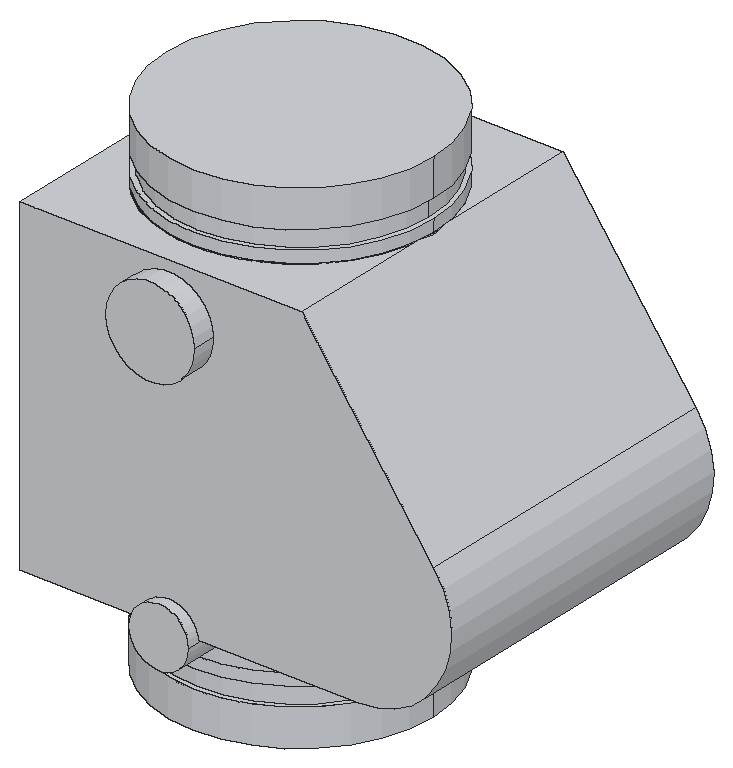
Revit family "4CK", category Generic Models, Revit 2016
Family settings
  Part Type = Normal
  Can host rebar = No
  Round Connector Dimension = Use Diameter
  Work Plane-Based = No
  Always vertical = Yes
  Cut with Voids When Loaded = No
  Shared = No
  Room Calculation Point = No
Reference planes (in)
  plane 1 "Center (Front/Back)": y = 0
  plane 2: z = 0
  plane 3 "Center (Left/Right)": x = 0
Dimensions and locks (in)
  aligned and locked: plane 2 to level
Nested families (in)
  nested 1: "4in Model G SWING CHECK Valve" at (0, -2.27138, 0), type "Model G Swing Check Valve"
Connectors (in)
  piping at (0.00264, -2.26151, 8.437), diameter 4
    settings: on nested 1, index 1, connector inside diameter 24", connector length 0' - 0", flow factor 0, pipe flow 0 GPM, pressure drop 0.00 psi, fitting loss kfactor 0, connector angle 0.00°, fixture units 0, engagement length 0' - 0", angle of deflection 0.00°, flow configuration 0, flow direction 0, fitting loss method 0, system type 7, joint type 0, gender type 0, connector reference index -1, connector utility 0, adjustable connector no, is connector primary yes, connector description ""
  piping at (0, -2.27138, 0), diameter 4
    settings: on nested 1, index 2, connector inside diameter 24", connector length 0' - 0", flow factor 0, pipe flow 0 GPM, pressure drop 0.00 psi, fitting loss kfactor 0, connector angle 0.00°, fixture units 0, engagement length 0' - 0", angle of deflection 0.00°, flow configuration 0, flow direction 0, fitting loss method 0, system type 7, joint type 0, gender type 0, connector reference index -1, connector utility 0, adjustable connector no, is connector primary no, connector description ""
Definition of nested family "4in Model G SWING CHECK Valve"
  Reference planes (in)
    plane 1 "Center (Front/Back)": y = 0
    plane 2: z = 0
    plane 3 "Center (Left/Right)": x = 0
    plane 4 "ref.2": z = 0.62514
    plane 5: z = 8.437
    plane 6 "name": y = -3.125
    plane 7 "REF3": z = 0.93714
  Forms (in)
    Extrusion 1, solid
      sketch origin (0, 0, 0) x (1, 0, 0) y (0, 1, 0)
        loop
          circle (0, 0) r 2.25
      from 0 to 0.625
    Extrusion 2, solid
      sketch origin (0, 0, 0.62514) x (-1, 0, 0) y (0, -1, 0)
        loop
          circle (0, 0) r 2.25
      from 0.512 to 6.67486
    Extrusion 3, solid
      sketch origin (0, 0, 0) x (0, 1, 0) y (0, 0, 1)
        loop
          circle (0, 3.937) r 1.5
      from 0 to -3.01684
    Extrusion 4, solid
      sketch origin (0, 0, -0.01919) x (-1, 0, 0) y (0, 0, -1)
        loop
          line (-4.46071, -4.24972) -> (-2.23203, -7.31919) -> (2.5, -7.31919) -> (2.5, -1.76919) -> (-2.062, -1.76919) -> (-3.19634, -1.76919)
          arc (-3.19634, -1.76919) -> (-4.58843, -2.62212) -> (-4.46071, -4.24972) r 1.5625
      from -2.74627 to 2.75
    Extrusion 5, solid
      sketch origin (0, 0, 0.62514) x (-1, 0, 0) y (0, -1, 0)
        loop
          circle (0, 0) r 2.167
      from 0 to 0.312
    Extrusion 6, solid
      sketch origin (0, 0, 0.93714) x (-1, 0, 0) y (0, -1, 0)
        loop
          circle (0, 0) r 2.25
      from 0 to 0.2
    Extrusion 7, solid
      sketch origin (0.00264, 0.00987, 7.812) x (0, 1, 0) y (-1, 0, 0)
        loop
          circle (0, 0) r 2.25
      from 0 to 0.625
    Extrusion 8, solid
      sketch origin (0.00083, 0.00987, 7.5) x (0, -1, 0) y (1, 0, 0)
        loop
          circle (0, 0) r 2.167
      from 0 to 0.312
    Extrusion 9, solid
      sketch origin (0, 0.00987, 7.3) x (0, -1, 0) y (1, 0, 0)
        loop
          circle (0, 0) r 2.25
      from 0 to 0.2
    Extrusion 10, solid
      sketch origin (0, 0, 0) x (1, 0, 0) y (0, 0, 1)
        loop
          circle (-0.00892, 6.38355) r 0.75
      from 0 to 3.125
    Extrusion 11, solid
      sketch origin (0, 0, 0) x (1, 0, 0) y (0, 0, 1)
        loop
          circle (-0.00853, 1.70305) r 0.5
      from 0 to 2.94894
    Extrusion 12, solid
      sketch origin (0, 0, 0) x (0, 1, 0) y (0, 0, 1)
        loop
          circle (0.01448, 1.70273) r 0.5
      from 0 to -2.70153
  Dimensions and locks (in)
    level to plane 5 = 0' - 8.437"
    aligned and locked: plane 2 to level
